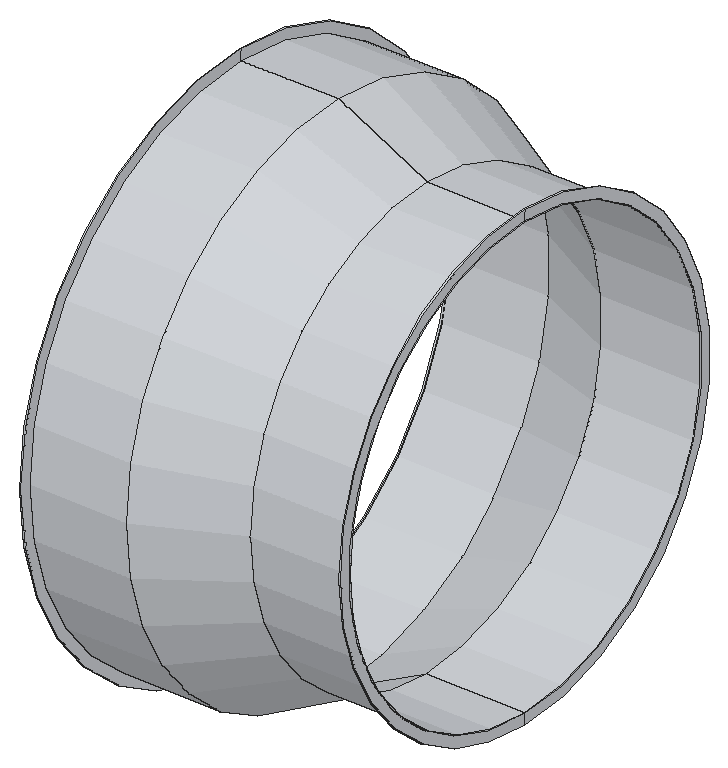
Revit family
Parameters (values of type "DW2024ADP")
  WALLTHICK = 9/256"  # constant formula
  STEPLENGTH = 4 1/2"  # constant formula
  Model = "DW2024ADP"
  Manufacturer = "CaptiveAire"
  LENGTH = 13"  # constant formula
  FLANGETHICK = 1/16"
  FLANGERAD2 = DUCTINSIDERAD2 + 1/2"  # 12 1/2"
  FLANGERAD = (FLANGEDIA / 2)  # 10 1/2"
  FLANGEDIA = (DUCTINSIDERAD * 2) + 1"  # 21"
  Description = "20\"-24\" Duct Adaptor"
  DUCTRAD = (DUCTDIA / 2)  # 10 9/256"
  DUCTRAD2 = DUCTINSIDERAD2 + WALLTHICK  # 12 9/256"
  DUCTINSIDERAD2 = 12"
  DUCTINSIDERAD = 10"
  DUCTDIA = (DUCTINSIDERAD + WALLTHICK) * 2  # 20 9/128"
  45 = 45.00°  # constant formula
  0 = 0"  # constant formula
  -FLANGETHICK = -FLANGETHICK  # -1/16"
Types (14): name | Model | FLANGERAD2 | FLANGERAD | FLANGEDIA | Description | DUCTRAD | DUCTRAD2 | DUCTINSIDERAD2 | DUCTINSIDERAD | DUCTDIA
  (no name) | "DW2024ADP" | 12 1/2" | 10 1/2" | 21" | "20\"-24\" Duct Adaptor" | 10 9/256" | 12 9/256" | 12" | 10" | 20 9/128"
  DW0812ADP | "DW0812ADP" | 6 1/2" | 4 1/2" | 9" | "8\" - 12\" Duct Adaptor" | 4 9/256" | 6 9/256" | 6" | 4" | 8 9/128"
  DW1012ADP | "DW1012ADP" | 6 1/2" | 5 1/2" | 11" | "10\"-12\" Duct Adaptor" | 5 9/256" | 6 9/256" | 6" | 5" | 10 9/128"
  DW1014ADP | "DW1014ADP" | 7 1/2" | 5 1/2" | 11" | "10\"-14\" Duct Adaptor" | 5 9/256" | 7 9/256" | 7" | 5" | 10 9/128"
  DW1214ADP | "DW1214ADP" | 7 1/2" | 6 1/2" | 13" | "12\"-14\" Duct Adaptor" | 6 9/256" | 7 9/256" | 7" | 6" | 12 9/128"
  DW1216ADP | "DW1216ADP" | 8 1/2" | 6 1/2" | 13" | "12\"-16\" Duct Adaptor" | 6 9/256" | 8 9/256" | 8" | 6" | 12 9/128"
  DW1218ADP | "DW1218ADP" | 9 1/2" | 6 1/2" | 13" | "12\"-18\" Duct Adaptor" | 6 9/256" | 9 9/256" | 9" | 6" | 12 9/128"
  DW1416ADP | "DW1416ADP" | 8 1/2" | 7 1/2" | 15" | "14\"-16\" Duct Adaptor" | 7 9/256" | 8 9/256" | 8" | 7" | 14 9/128"
  DW1418ADP | "DW1418ADP" | 9 1/2" | 7 1/2" | 15" | "14\"-18\" Duct Adaptor" | 7 9/256" | 9 9/256" | 9" | 7" | 14 9/128"
  DW1420ADP | "DW1420ADP" | 10 1/2" | 7 1/2" | 15" | "14\"-20\" Duct Adaptor" | 7 9/256" | 10 9/256" | 10" | 7" | 14 9/128"
  DW1620ADP | "DW1620ADP" | 10 1/2" | 8 1/2" | 17" | "16\"-20\" Duct Adaptor" | 8 9/256" | 10 9/256" | 10" | 8" | 16 9/128"
  DW1624ADP | "DW1624ADP" | 12 1/2" | 8 1/2" | 17" | "16\"-24\" Duct Adaptor" | 8 9/256" | 12 9/256" | 12" | 8" | 16 9/128"
  DW1824ADP | "DW1824ADP" | 12 1/2" | 9 1/2" | 19" | "18\"-24\" Duct Adaptor" | 9 9/256" | 12 9/256" | 12" | 9" | 18 9/128"
  DW2024ADP | "DW2024ADP" | 12 1/2" | 10 1/2" | 21" | "20\"-24\" Duct Adaptor" | 10 9/256" | 12 9/256" | 12" | 10" | 20 9/128"
Reference planes (in)
  plane 1 "Center (Front/Back)": y = 0
  plane 2: z = 0.42354
  plane 3 "Center (Left/Right)": x = 1.65975
  plane 4: x = 8.15975
  plane 5: x = 3.65975
  plane 6: x = -4.84025
  plane 7: x = -0.34025
Forms (in)
  Revolve 1, solid
    sketch origin (0, 0, 0) x (1, 0, 0) y (0, 0, 1)
      loop
        line (-4.77775, 12.4587) -> (-4.77775, 12.92354) -> (-4.84025, 12.92354) -> (-4.84025, 12.42354) -> (-0.34025, 12.42354) -> (3.65975, 10.42354) -> (8.15975, 10.42354) -> (8.15975, 10.4587) -> (8.15975, 10.92354) -> (8.09725, 10.92354) -> (8.09725, 10.4587) -> (3.65975, 10.4587) -> (-0.34025, 12.4587) -> (-4.77775, 12.4587)
      axis (-4.84025, 0.42354) -> (8.15975, 0.42354)
    angle from 0 to 360
Dimensions and locks (in)
  equal spacing: plane 4, plane 3 "Center (Left/Right)", plane 6
  "STEPLENGTH": plane 6 to plane 7
  "STEPLENGTH": plane 4 to plane 5
  "LENGTH": plane 6 to plane 4
  "DUCTINSIDERAD": Revolve 1 sketch curve to level
  "DUCTRAD": Revolve 1 sketch curve to level
  "FLANGERAD": Revolve 1 sketch curve to level
  "FLANGETHICK": Revolve 1 sketch curve to plane 4
  "FLANGETHICK": plane 6 to Revolve 1 sketch curve
  "DUCTINSIDERAD2": Revolve 1 sketch curve to level
  "DUCTRAD2": Revolve 1 sketch curve to level
  "FLANGERAD2": Revolve 1 sketch curve to level
  aligned and locked: level to plane 2
  aligned and locked: Revolve 1 sketch curve to plane 6
  aligned and locked: plane 7 to Revolve 1 sketch curve  (x2)
  aligned and locked: plane 5 to Revolve 1 sketch curve  (x2)
  aligned and locked: plane 4 to Revolve 1 sketch curve
  aligned and locked: Revolve 1 sketch curve to level
Automatic sketch dimensions
  plane 6 to Revolve 1 sketch curve = 4"
  plane 4 to Revolve 1 sketch curve = 4 1/2"
  Revolve 1 sketch curve to Revolve 1 sketch curve = 0"
